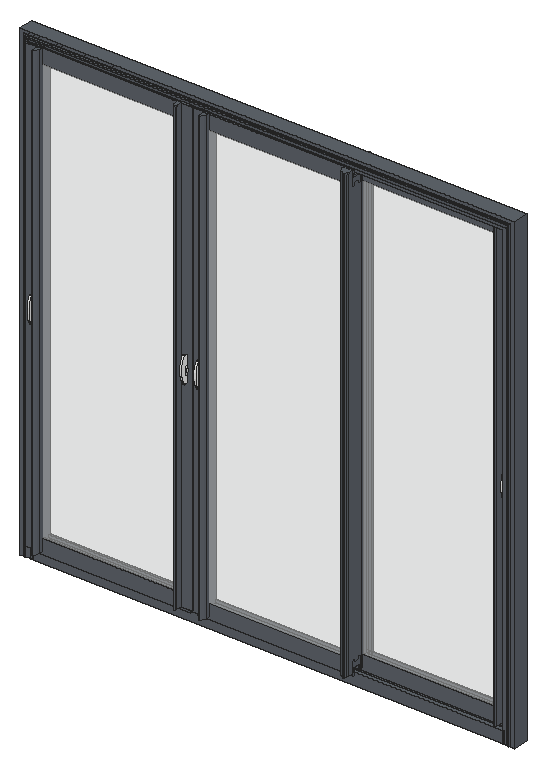
Revit family "Wicslide_65_Glass32_3_leaf_2_track_dependent", category Doors, host Wall, Revit 2014
Parameters
  Youtube clip = ""
  Weight Net (Kg) = 0
  Watertightness = "E900"
  Uniclass2 = "Ss-25-30-95-28"
  Uniclass 2015 Name = ""
  Uniclass 2015 Code = ""
  Uniclass 2.0 Description = ""
  Uniclass 2.0 Code = ""
  Uniclass 1.4 Description = ""
  Uniclass 1.4 Code = ""
  URL = "http://www.wicona.com"
  UNSPSC Code = ""
  Technical description = ""
  Sash meeting 3041252 = yes
  Sash meeting 3041251 = no
  Sash meeting 3041250 = not(or(Sash meeting 3041251, Sash meeting 3041252))  # no
  Sash 1041273 = yes
  Thermal (2-leaf frame) = "Uw < 1.5 W/m².K (with Ug = 1.0)"
  Sash 1041272 = no
  Sash 1041271 = no
  Sash 1041270 = not(or(Sash 1041271, Sash 1041272, Sash 1041273))  # no
  Repeated Opening/Closing = "Class 3 (20,000 Cycles)"
  Region South America = "None"
  Region Oceania = "None"
  Region North America = "None"
  Region Middle East = "None"
  Region Europe = "AD, AL, AT, AX, BA, BE, BG, BY, CH, CS, CY, CZ, DE, DK, EE, ES, FI, FO, FR, GB, GG, GI, GR, HR, HU, IE, IM, IS, IT, JE, LI, LT, LU, LV, MC, MD, ME, MK, MT, NL, NO, PL, PT, RO, RS, RU, SE, SI, SJ, SK, SM, UA, VA, XK"
  Region Asia = "None"
  Region Antarctica = "None"
  Region Africa = "None"
  Quality Assurance = "Certified according to ISO 9001:2008"
  QR code = "http://bimobject.com/wicona/product/WICSLIDE_65_W"
  Product group = ""
  Product family = ""
  Product data url = "http://bimobject.com/wicona/product/WICSLIDE_65_W"
  Product certification = ""
  Product SKU = "WICSLIDE_65_W"
  Product Guid = "74bd8be9-202c-4542-9c4e-775a99e34c85"
  Operation = "IFC_DOORSLIDING\r\nIFC_DOORSLIDING"
  Operating Forces = "Class 1"
  OmniClass Description = ""
  OmniClass Code = ""
  Nominal width = 220000
  Nominal height = 210000
  NBS Reference Description = ""
  NBS Reference Code = ""
  Model = "Wicslide 65"
  Mechanical Strength = "Class 4"
  Maximum Sash Weight = "160kg as standard design, heavier weights can easily be customised"
  Material secondary = ""
  Material main = ""
  Manufacturer name = "Wicona"
  Manufacturer country = "Germany"
  Manufacturer = "Wicona"
  Load Bearing Capacity of Safety Devices = "Fulfilled"
  Leaf Width = 17 mm + Glass Width + 56 mm  # 680.667 mm
  Leaf Material = WICONA - Aluminium - RAL7016 - Anthracite Grey - Matt
  Leaf Height All = Height - Frame Width 2 - Bottom Offset  # 2006 mm
  Leaf Connect = 6.2 mm  # constant formula
  Leaf 3 Width = 56 mm * 2 + Glass Width  # 719.667 mm
  Leaf 2 Width = 17 mm + Glass Width + 56 mm  # 680.667 mm
  Keynote = "L10/330"
  Installation instructions = ""
  IFC Classification = ""
  Handle Material = Aluminium
  Glass Width = Frame all / 3  # 607.667 mm
  Glass Material = WICONA -  Glass
  Function = Interior
  Frame all = Width - ((56 mm * 4) + (17 mm * 2) + (Frame Width 2 * 2)) - 24 mm  # 1823 mm
  Frame Width 3 = Frame Width - 34.5 mm  # 32.5 mm
  Frame Width 2 = if(Frame 1041226, 47.5 mm, if(Frame 1041231, 54.5 mm, 54.5 mm))  # 47.5 mm
  Frame Width = 67 mm
  Height = 2100 mm
  Wall Closure = By host
  Width = 2200 mm
  Frame Material = WICONA - Aluminium - RAL7016 - Anthracite Grey - Matt
  Frame Depth = 65 mm
  Frame 1041226 = yes
  Frame 1041231 = not(or(Frame 1041226))  # no
  Edition number = 1
  EN1627 Burglar Resistance = "RC1N, RC2N, RC2, RC3, SBD"
  EAN code = ""
  Door Offset = 60 mm
  Door 1 connect = Leaf 3 Width + Frame Width 2 + 24 mm  # 791.167 mm
  Design country = "Germany"
  Description = "With  its  various  designs  of  outer  and  opening  frames, multiple  leaf  combinations  (from  2  to  6  leaves)  and  its  comprehensive range of dual colour solutions, the Wicslide 65 brings greater freedom to building design. Designed  to  meet  market  demands,  Wicslide  65  sliding doors are perfectly suited for disabled access."
  Date of publishing = "3/14/2015"
  Corrosion Resistance of the Fittings = "Class 5"
  COBIe Type Category = ""
  Bottom Offset = if(Frame Bottom 1041226, 46.5 mm, 39.5 mm)  # 46.5 mm
  Frame Bottom 1041232 = no
  Frame Bottom 1041226 = yes
  Frame Bottom 1041231 = not(or(Frame Bottom 1041232, Frame Bottom 1041226))  # no
  BIMobject category = ""
  Assembly Code = ""
  Analytic Construction = "<None>"
  Air Permeability = "Class 4"
  Acoustic = "RA,tr = 35 dB"
Reference planes
  plane 1: y = 0
  plane 2 "Center (Left/Right)": x = 0
  plane 3 "Left": x = -1100
  plane 4 "Right": x = 1100
  plane 5: z = 2100
  plane 6 "Exterior": y = 75
  plane 7 "Interior": y = -75
  plane 8 "base line": y = 15
  plane 9: y = -50
  plane 10: x = -1052.5
  plane 11: z = 2052.5
  plane 12: x = 1052.5
  plane 13: x = -308.833
  plane 14: y = 1081.9
  plane 15: x = -1053.5
  plane 16: x = 1053.5
  plane 17: y = -44
  plane 18: y = 9
  plane 19: z = 2051.035
  plane 20: x = 371.833
Forms (mm)
  Sweep 1, solid, material "WICONA - Aluminium - RAL7016 - Anthracite Grey - Matt" <- "Frame Material", visible <- "Frame 1041231"
    path origin (0, 15, 0) x (-1, 0, 0) y (0, 0, 1)
      loop
        line (1100, 0) -> (1100, 2100) -> (-1100, 2100) -> (-1100, 0)
    profile "Frame_1041231_profil : Frame_1041231_profil" origin (-1100, 15, 1050) x (1, 0, 0) y (0, 1, 0)
      loop
        line (0, 0.014) -> (0, -64.986) -> (47.501, -64.986) -> (47.501, -52.986) -> (28.03, -52.986) -> (28.03, -11.986) -> (47.501, -11.986) -> (47.501, 0.014) -> (0, 0.014)
  Sweep 2, solid, material "WICONA - Aluminium - RAL7016 - Anthracite Grey - Matt" <- "Frame Material", visible <- "Frame Bottom 1041231"
    path origin (0, 15, 0) x (-1, 0, 0) y (0, 0, 1)
      loop
        line (1053.5, 0) -> (-1053.5, 0)
    profile origin (0, 15, 0) x (0, 0, -1) y (0, 1, 0)
      loop
        line (0, 0) -> (-47.501, 0) -> (-47.501, -11.986) -> (-28.03, -11.986) -> (-28.03, -52.986) -> (-47.501, -52.986) -> (-47.501, -65) -> (0, -65) -> (0, 0)
  Sweep 3, solid, material "WICONA - Aluminium - RAL7016 - Anthracite Grey - Matt" <- "Frame Material", visible <- "Frame Bottom 1041226"
    path origin (0, 15, 0) x (-1, 0, 0) y (0, 0, 1)
      loop
        line (1053.5, 0) -> (-1053.5, 0)
    profile origin (0, 15, 0) x (0, 0, -1) y (0, 1, 0)
      loop
        line (-41.095, 0) -> (-54.504, 0) -> (-54.504, -11.986) -> (-35.067, -11.986) -> (-35.067, -52.986) -> (-54.504, -52.986) -> (-54.504, -65) -> (0, -65) -> (0, 0) -> (-16, 0) -> (-16, -5.069) -> (-17.931, -7) -> (-22.706, -7) -> (-22.706, 2) -> (-28.468, 2) -> (-41.095, 0)
  Sweep 4, solid, material "WICONA - Aluminium - RAL7016 - Anthracite Grey - Matt" <- "Frame Material", visible <- "Frame Bottom 1041232"
    path origin (0, 15, 0) x (-1, 0, 0) y (0, 0, 1)
      loop
        line (1053.5, 0) -> (-1053.5, 0)
    profile origin (0, 15, 0) x (0, 0, -1) y (0, 1, 0)
      loop
        line (0, 0) -> (-47.552, 0) -> (-47.552, -12) -> (-28.081, -12) -> (-28.081, -52.986) -> (-47.552, -52.986) -> (-47.552, -65) -> (-18.5, -65) -> (-18.5, -78.723)
        arc (-18.5, -78.723) -> (-25.363, -83.221) -> (-33.01, -86.2) r 39.389
        line (-33.01, -86.2) -> (-46.2, -86.2) -> (-46.2, -84.996) -> (-47.552, -84.996) -> (-47.552, -88) -> (-32.284, -88)
        arc (-32.284, -88) -> (-23.829, -84.402) -> (-16.3, -79.134) r 44.207
        line (-16.3, -79.134) -> (-16.3, -65) -> (0, -65) -> (0, 0)
  Sweep 5, solid, material "WICONA - Aluminium - RAL7016 - Anthracite Grey - Matt" <- "Frame Material", visible <- "Frame 1041226"
    path origin (0, 15, 0) x (-1, 0, 0) y (0, 0, 1)
      loop
        line (1100, 0) -> (1100, 2100) -> (-1100, 2100) -> (-1100, 0)
    profile origin (-1100, 15, 1050) x (1, 0, 0) y (0, 1, 0)
      loop
        line (54.5, -65) -> (54.5, -53) -> (35.067, -53) -> (35.067, -12) -> (54.5, -12) -> (54.5, 0) -> (0, 0) -> (0, -65) -> (16, -65) -> (16, -59.931) -> (17.931, -58) -> (22.706, -58) -> (22.706, -67) -> (28.468, -67) -> (41.095, -65) -> (54.5, -65)
Lines and regions (mm)
  Opening 1
    outline origin (-3050, -75, 0) x (1, 0, 0) y (0, 0, 1)
      loop
        line (1950, 0) -> (4150, 0) -> (4150, 2100) -> (1950, 2100) -> (1950, 0)
  model lines
    curve 1: line (0, -47.728, -46.926) -> (0, -47.728, -43.389)
  symbolic lines, style "Elevation Swing"
    curve 2: line (527.734, -75, 1199.099) -> (807.734, -75, 1199.099)
    curve 3: line (527.734, -75, 1199.099) -> (587.838, -75, 1259.203)
    curve 4: line (527.734, -75, 1199.099) -> (587.838, -75, 1138.995)
    curve 14: line (-526.861, -75, 1192.348) -> (-806.861, -75, 1192.348)
    curve 15: line (-526.861, -75, 1192.348) -> (-586.965, -75, 1252.452)
    curve 16: line (-526.861, -75, 1192.348) -> (-586.965, -75, 1132.243)
  symbolic lines, style "Plan Swing", detail levels coarse
    curve 5: line (-1052.5, -75, 0) -> (-1100, -75, 0)
    curve 6: line (1052.5, 75, 0) -> (1052.5, -75, 0)
    curve 7: line (-1052.5, 75, 0) -> (-1052.5, -75, 0)
    curve 8: line (-1052.5, 75, 0) -> (-1100, 75, 0)
    curve 9: line (1100, 75, 0) -> (1052.5, 75, 0)
    curve 10: line (1100, -75, 0) -> (1052.5, -75, 0)
  symbolic lines, style "Elevation Swing", not visible
    curve 11: line (213.788, -75, 1205.851) -> (493.788, -75, 1205.851)
    curve 12: line (213.788, -75, 1205.851) -> (273.892, -75, 1265.955)
    curve 13: line (213.788, -75, 1205.851) -> (273.892, -75, 1145.747)
Text (mm)
  text "Exterior" at (-2295.016, 1099.543, 0), in view "Ref. Level"
  text "Exterior" at (0, 1615.38, 3698.081), in view "Left"
  text "Exterior" at (0, 1036.032, 3874.932), in view "Right"
Dimensions and locks
  equal spacing: plane 3 "Left", plane 2 "Center (Left/Right)", plane 4 "Right"
  "Width": plane 3 "Left" to plane 4 "Right"
  "Height": plane 5 to host wall
  host wall to plane 5 = 2100 mm  (x2)
  locked: plane 6 "Exterior" to host wall at 0
  locked: plane 7 "Interior" to host wall
  "Door Offset": host wall to plane 8 "base line"
  "Frame Depth": plane 8 "base line" to plane 9
  "Frame Width 2": plane 3 "Left" to plane 10
  "Frame Width 2": plane 11 to plane 5
  "Frame Width 2": plane 12 to plane 4 "Right"
  "Bottom Offset": plane 3 "Left" to plane 15
  "Bottom Offset": plane 16 to plane 4 "Right"
  locked: plane 8 "base line" to plane 18 at 6
  locked: plane 9 to plane 17 at 6
  locked: plane 11 to plane 19 at 1.465
  "Door 1 connect": plane 3 "Left" to plane 13
  "Leaf Width": plane 20 to plane 12
  aligned and locked: plane 3 "Left" to Opening 1 sketch curve
  aligned and locked: plane 5 to Opening 1 sketch curve  (x2)
  aligned and locked: Opening 1 sketch curve to plane 4 "Right"
  aligned and locked: Opening 1 sketch curve to level
  aligned and locked: plane 1 to host wall
  aligned and locked: Sweep 1 sketch curve to plane 3 "Left"
  aligned and locked: plane 5 to Sweep 1 sketch curve
  aligned and locked: plane 4 "Right" to Sweep 1 sketch curve
  aligned and locked: nested 1 to plane 8 "base line"
  aligned and locked: nested 1 to plane 3 "Left"
  aligned and locked: nested 2 to plane 4 "Right"
  aligned and locked: plane 8 "base line" to nested 2
  aligned and locked: plane 9 to nested 3
  aligned and locked: level to nested 3
  aligned and locked: nested 4 to level
  aligned and locked: nested 4 to plane 9
  aligned and locked: level to nested 5
  aligned and locked: plane 9 to nested 5
  aligned and locked: plane 16 to Sweep 3 sketch curve
  aligned and locked: plane 15 to Sweep 3 sketch curve
  aligned and locked: plane 15 to Sweep 4 sketch curve
  aligned and locked: plane 16 to Sweep 4 sketch curve
  aligned and locked: plane 15 to Sweep 2 sketch curve
  aligned and locked: plane 16 to Sweep 2 sketch curve
  aligned and locked: plane 5 to nested 6
  aligned and locked: nested 7 to plane 4 "Right"
  aligned and locked: plane 8 "base line" to nested 7
  aligned and locked: nested 8 to plane 8 "base line"
  aligned and locked: nested 8 to plane 3 "Left"
  aligned and locked: plane 5 to nested 9
  aligned and locked: plane 9 to nested 9
  aligned and locked: plane 7 "Interior" to curve 7
  aligned and locked: plane 6 "Exterior" to curve 7
  aligned and locked: curve 7 to plane 10
  aligned and locked: plane 3 "Left" to curve 8
  aligned and locked: plane 10 to curve 8
  aligned and locked: curve 8 to plane 6 "Exterior"
  aligned and locked: plane 3 "Left" to curve 5
  aligned and locked: curve 5 to plane 7 "Interior"
  aligned and locked: plane 7 "Interior" to curve 6
  aligned and locked: plane 6 "Exterior" to curve 6
  aligned and locked: curve 6 to plane 12
  aligned and locked: plane 4 "Right" to curve 10
  aligned and locked: plane 12 to curve 10
  aligned and locked: curve 10 to plane 7 "Interior"
  aligned and locked: plane 4 "Right" to curve 9
  aligned and locked: curve 9 to plane 6 "Exterior"
  aligned and locked: plane 10 to nested 10
  aligned and locked: nested 10 to plane 18
  aligned and locked: nested 11 to plane 17
  aligned and locked: plane 12 to nested 11
  aligned and locked: nested 6 to plane 9
  aligned and locked: plane 10 to nested 12
  aligned and locked: plane 13 to nested 12
  aligned and locked: plane 13 to nested 13
  aligned and locked: plane 20 to nested 13
  aligned and locked: plane 20 to nested 14
  aligned and locked: plane 12 to nested 14
  aligned and locked: nested 14 to plane 18
  aligned and locked: plane 13 to nested 15
  aligned and locked: nested 15 to plane 19
  aligned and locked: plane 17 to nested 15
  aligned and locked: plane 16 to nested 16
  aligned and locked: plane 19 to nested 16
  aligned and locked: plane 18 to nested 16
  aligned and locked: plane 10 to nested 17
  aligned and locked: nested 17 to plane 19
  aligned and locked: plane 17 to nested 17
Automatic sketch dimensions
  Sweep 1 sketch curve to level = 0 mm  (x2)
  Sweep 3 sketch curve to level = 0 mm
  plane 9 to curve 1 = 2.272 mm
  curve 1 to level = 46.926 mm
  curve 1 to curve 1 = 3.537 mm
  Sweep 2 sketch curve to level = 0 mm
  Sweep 4 sketch curve to level = 0 mm
  plane 4 "Right" to Sweep 5 sketch curve = 0 mm
  plane 3 "Left" to Sweep 5 sketch curve = 0 mm
  Sweep 5 sketch curve to level = 0 mm  (x2)
  Sweep 5 sketch curve to plane 5 = 0 mm
  Sweep 3 sketch curve to plane 8 "base line" = 0 mm  (x2)
  Sweep 3 sketch curve to profile plane = 0 mm
  Sweep 3 sketch curve to plane 8 "base line" = 5.069 mm
  profile plane to Sweep 3 sketch curve = 16 mm
  Sweep 3 sketch curve to plane 8 "base line" = 7 mm
  Sweep 3 sketch curve to Sweep 3 sketch curve = 1.931 mm
  plane 8 "base line" to Sweep 3 sketch curve = 2 mm
  Sweep 3 sketch curve to Sweep 3 sketch curve = 6.706 mm
  Sweep 3 sketch curve to Sweep 3 sketch curve = 5.762 mm
  Sweep 3 sketch curve to Sweep 3 sketch curve = 12.361 mm
  Sweep 3 sketch curve to Sweep 3 sketch curve = 12.628 mm
  Sweep 3 sketch curve to Sweep 3 sketch curve = 19.437 mm
  Sweep 3 sketch curve to Sweep 3 sketch curve = 13.408 mm
  Sweep 3 sketch curve to plane 8 "base line" = 11.986 mm
  Sweep 3 sketch curve to Sweep 3 sketch curve = 41 mm
  Sweep 3 sketch curve to Sweep 3 sketch curve = 12.014 mm
  Sweep 2 sketch curve to plane 8 "base line" = 0 mm
  profile plane to Sweep 2 sketch curve = 47.501 mm
  Sweep 2 sketch curve to Sweep 2 sketch curve = 0 mm
  Sweep 2 sketch curve to Sweep 2 sketch curve = 19.471 mm
  Sweep 2 sketch curve to profile plane = 0 mm
  Sweep 2 sketch curve to plane 8 "base line" = 11.986 mm
  Sweep 2 sketch curve to Sweep 2 sketch curve = 41 mm
  Sweep 2 sketch curve to Sweep 2 sketch curve = 12.014 mm
  Sweep 5 sketch curve to plane 8 "base line" = 0 mm
  Sweep 5 sketch curve to profile plane = 0 mm
  Sweep 5 sketch curve to profile plane = 16 mm
  Sweep 5 sketch curve to Sweep 5 sketch curve = 1.931 mm  (x2)
  Sweep 5 sketch curve to Sweep 5 sketch curve = 6.706 mm
  Sweep 5 sketch curve to Sweep 5 sketch curve = 5.762 mm
  Sweep 5 sketch curve to plane 8 "base line" = 12 mm
  Sweep 5 sketch curve to profile plane = 35.067 mm
  Sweep 5 sketch curve to Sweep 5 sketch curve = 19.433 mm  (x2)
  Sweep 5 sketch curve to Sweep 5 sketch curve = 41 mm
  Sweep 5 sketch curve to Sweep 5 sketch curve = 5 mm
  Sweep 5 sketch curve to Sweep 5 sketch curve = 5.069 mm
  Sweep 5 sketch curve to Sweep 5 sketch curve = 2 mm
  Sweep 5 sketch curve to Sweep 5 sketch curve = 12.628 mm
  Sweep 5 sketch curve to Sweep 5 sketch curve = 12 mm
  Sweep 4 sketch curve to plane 8 "base line" = 0 mm
  Sweep 4 sketch curve to profile plane = 0 mm
  profile plane to Sweep 4 sketch curve = 16.3 mm
  Sweep 4 sketch curve to Sweep 4 sketch curve = 2.2 mm
  Sweep 4 sketch curve to plane 8 "base line" = 12 mm
  Sweep 4 sketch curve to Sweep 4 sketch curve = 13.784 mm
  Sweep 4 sketch curve to Sweep 4 sketch curve = 15.325 mm
  Sweep 4 sketch curve to Sweep 4 sketch curve = 1.866 mm
  Sweep 4 sketch curve to Sweep 4 sketch curve = 13.916 mm
  Sweep 4 sketch curve to Sweep 4 sketch curve = 4.146 mm
  Sweep 4 sketch curve to Sweep 4 sketch curve = 1.352 mm
  Sweep 4 sketch curve to Sweep 4 sketch curve = 19.471 mm
  Sweep 4 sketch curve to Sweep 4 sketch curve = 33.744 mm
  Sweep 4 sketch curve to Sweep 4 sketch curve = 2.464 mm
  Sweep 4 sketch curve to Sweep 4 sketch curve = 4.778 mm
  Sweep 4 sketch curve to Sweep 4 sketch curve = 12.014 mm  (x2)
  Sweep 4 sketch curve to Sweep 4 sketch curve = 14.134 mm
  Sweep 4 sketch curve to Sweep 4 sketch curve = 3.004 mm
  Sweep 4 sketch curve to Sweep 4 sketch curve = 1.204 mm
  Sweep 4 sketch curve to Sweep 4 sketch curve = 0.726 mm
  Sweep 4 sketch curve to Sweep 4 sketch curve = 0.411 mm
Nested families
  nested 1: "Frame_1041231" at (-1100, 15, 0), visible <- "Frame 1041231", type "Frame_1041231"
  nested 2: "Frame_1041231" at (1100, 15, 0) x (-1, 0, 0) z (0, 0, 1), visible <- "Frame 1041231", type "Frame_1041231"
  nested 3: "Frame_1041226" at (0, -50, 0) x (0, 0, 1) z (1, 0, 0), type "Frame_1041226"
  nested 4: "Frame_Bottom_1041232" at (0, 15, 0) x (0, 0, 1) z (1, 0, 0), visible <- "Frame Bottom 1041232", built-in parameter 1006206 <- "Frame Bottom 1041232", type "Frame_Bottom_1041232"
  nested 5: "Frame_1041231" at (0, -50, 0) x (0, 0, 1) z (1, 0, 0), visible <- "Frame Bottom 1041231", type "Frame_1041231"
  nested 6: "Frame_1041231" at (0, 15, 2100) x (0, 0, -1) z (1, 0, 0), type "Frame_1041231"
  nested 7: "Frame_1041226" at (1100, 15, 0) x (-1, 0, 0) z (0, 0, 1), visible <- "Frame 1041226", type "Frame_1041226"
  nested 8: "Frame_1041226" at (-1100, 15, 0), visible <- "Frame 1041226", type "Frame_1041226"
  nested 9: "Frame_1041226" at (0, 15, 2100) x (0, 0, -1) z (1, 0, 0), visible <- "Frame 1041226", type "Frame_1041226"
  nested 10: "Seal" at (-1052.5, 9, 0), type "Seal"
  nested 11: "Seal" at (1052.5, -44, 0) x (-1, 0, 0) z (0, 0, 1), type "Seal"
  nested 12: "sliding door_coarse" at (-1052.5, -44, 0), type "52"
    with built-in parameter 1001306 2.4399 (stored number, unit not read)
  nested 13: "sliding door_coarse" at (-308.833, -44, 0), type "52"
    with built-in parameter 1001306 2.2332 (stored number, unit not read)
  nested 14: "sliding door_coarse" at (371.833, 9, 0), type "52"
    with built-in parameter 1001306 2.2332 (stored number, unit not read)
  nested 15: "Leaf_Wicslide_65_G32_2_leaf_2_track_both_sliding_or_1_fixed_1slide" at (-308.833, -44, 50.305), type "Leaf_Wicslide_65_G32_2_leaf_2_track_both_sliding_or_1_fixed_1slide"
    with Sash 1041273 yes, Sash 1041271 no, Handle Distance 22 mm, Leaf Width 680.667 mm, Leaf Height 2006 mm
  nested 16: "Leaf_Wicslide_65_G32_2_leaf_2_track_both_sliding_or_1_fixed_1slide_right" at (1051.984, 9, 50.305) x (-1, 0, 0) z (0, 0, 1), type "Leaf_Wicslide_65_G32_2_leaf_2_track_both_sliding_or_1_fixed_1slide_right"
    with Sash 1041273 yes, Sash 1041271 no, Handle Distance 22 mm, Leaf Width 680.667 mm, Leaf Height 2006 mm
  nested 17: "Leaf_Wicslide_65_G32_3_leaf_2_track_independent_2_handle" at (-1050.984, -44, 50.305), type "Leaf_Wicslide_65_G32_3_leaf_2_track_independent_2_handle"
    with Sash 1041273 yes, Sash 1041271 no, Handle Distance 22 mm, Leaf Width 719.667 mm, Leaf Height 2006 mm
Definition of nested family "Leaf_Wicslide_65_G32_2_leaf_2_track_both_sliding_or_1_fixed_1slide"
  Parameters (values of type "Leaf_Wicslide_65_G32_2_leaf_2_track_both_sliding_or_1_fixed_1slide")
    Sash meeting 3041252 = yes
    Sash meeting 3041250 = no
    Sash meeting 3041251 = no
    Sash 1041273 = no
    Sash 1041270 = no
    Sash 1041271 = yes
    Sash 1041272 = no
    Profil Bottom = 4 mm
    Handle Distance = if(Sash 1041270, 22 mm, if(Sash 1041271, 45 mm, if(Sash 1041272, 42 mm, 22 mm)))  # 45 mm
    Leaf Width = 896 mm
    Leaf Material = Aluminium
    Leaf Height = 2000 mm
    Handle Material = Aluminium
    Handle Height = 850 mm  # constant formula
    Glass Width = 32 mm
    Glass Offset 2 = 7 mm  # constant formula
    Glass Offset = 46.1 mm  # constant formula
    Glass Material = WICONA -  Glass
    Glas Offset Bottom = 46.6 mm
    Frame Material = Aluminium
    16 = 16 mm
  Reference planes
    plane 1 "Center (Front/Back)": y = 0
    plane 2: z = 0
    plane 3 "Center (Left/Right)": x = 0
    plane 4: x = 896
    plane 5: z = 2000
    plane 6: x = 46.1
    plane 7: x = 889
    plane 8: z = 1953.4
    plane 9: z = 46.6
    plane 10: z = 896.6
    plane 11: x = 58.1
    plane 12: y = -16
    plane 13: y = 16
    plane 14: x = -3.312
    plane 15: x = 899.312
    plane 16: z = 46.6
    plane 17: y = -45
    plane 18: x = 20
    plane 19: z = 960.237
    plane 20: x = -1.516
    plane 21: y = -21.816
    plane 22: z = -5.306
    plane 23: z = 25
    plane 24: x = 914.975
    plane 25: z = 2010.5
    plane 26: z = 1980.5
    plane 27: z = 4
    plane 28: x = -9.9
  Forms (mm)
    Sweep 1, solid, material "Aluminium" <- "Leaf Material", visible <- "Sash 1041270"
      path origin (-1.381, 0, 34.551) x (1, 0, 0) y (0, 0, 1)
        loop
          line (0, -30.551) -> (0, 1970.678)
      profile origin (-1.381, 0, 1004.615) x (-1, 0, 0) y (0, -1, 0)
        loop
          line (-59.481, -22) -> (8.519, -22) -> (8.519, -16.6) -> (-10.369, -16.6) -> (-10.369, 16.6) -> (8.519, 16.6) -> (8.519, 22) -> (-59.395, 22) -> (-59.395, 16) -> (-47.481, 16) -> (-47.481, -16) -> (-59.481, -16) -> (-59.481, -22)
    Extrusion 2, solid, material "WICONA -  Glass" <- "Glass Material", detail levels medium+fine
      sketch origin (-214.248, -550.766, -473.088) x (1, 0, 0) y (0, 0, 1)
        loop
          line (260.348, 2426.488) -> (260.348, 519.688) -> (1103.248, 519.688) -> (1103.248, 2426.488) -> (260.348, 2426.488)
      from -566.766 to -534.766
    Sweep 3, solid, material "Aluminium" <- "Leaf Material"
      path origin (0, 0, 0) x (1, 0, 0) y (0, 0, 1)
        loop
          line (8.988, 0) -> (914.975, 0)
      profile origin (461.982, 0, 0) x (0, 0, 1) y (0, -1, 0)
        loop
          line (-5.306, -20.1) -> (58.694, -20.1) -> (58.694, -16) -> (46.634, -16) -> (46.634, 16) -> (58.694, 16) -> (58.694, 20.1) -> (-5.306, 20.1) -> (-5.306, 16.6) -> (5.236, 16.6) -> (5.236, 18.5) -> (25.914, 18.5) -> (25.914, -18.502) -> (5.236, -18.502) -> (5.236, -16.602) -> (-5.306, -16.602) -> (-5.306, -20.1)
    Sweep 4, solid, material "Aluminium" <- "Leaf Material", visible <- "Sash meeting 3041250"
      path origin (0, 0, 0) x (1, 0, 0) y (0, 0, 1)
        loop
          line (896, 2005.23) -> (896, 4)
      profile origin (896, 0, 1004.615) x (0, -1, 0) y (1, 0, 0)
        loop
          line (-22.3, -19.026) -> (-16, -19.026) -> (-16, -7.023) -> (16, -7.023) -> (16, -19.026) -> (22, -19.026) -> (22, 18.975) -> (-25.992, 18.975) -> (-25.992, 0) -> (-22.3, 0) -> (-22.3, -19.026)
    Sweep 5, solid, material "Aluminium" <- "Leaf Material", visible <- "Sash 1041273"
      path origin (0, 0, 0) x (1, 0, 0) y (0, 0, 1)
        loop
          line (0, 4) -> (0, 2005.23)
      profile origin (0, 0, 1004.615) x (-1, 0, 0) y (0, -1, 0)
        loop
          line (9.9, -22) -> (9.9, -16.517) -> (-12.05, -16.517) -> (-12.05, 16.671) -> (9.9, 16.671) -> (9.9, 22) -> (-41.1, 22) -> (-41.1, 47) -> (-42.787, 54.915) -> (-43.872, 56) -> (-47.182, 56)
          arc (-47.182, 56) -> (-54.565, 44.34) -> (-58.1, 31) r 45.352
          line (-58.1, 31) -> (-58.1, -22) -> (9.9, -22)
    Sweep 6, solid, material "Aluminium" <- "Leaf Material", visible <- "Sash 1041272"
      path origin (0, 0, 0) x (1, 0, 0) y (0, 0, 1)
        loop
          line (0, 4) -> (0, 2005.23)
      profile origin (0, 0, 1004.615) x (-1, 0, 0) y (0, -1, 0)
        loop
          line (-58.1, -22) -> (9.9, -22) -> (9.9, -16) -> (-8.988, -16) -> (-8.988, 16) -> (9.9, 16) -> (9.9, 22) -> (-6.1, 22) -> (-6.1, 41.999) -> (-58.1, 41.999) -> (-58.1, 16) -> (-46.1, 16) -> (-46.1, -16) -> (-58.1, -16) -> (-58.1, -22)
    Sweep 7, solid, material "Aluminium" <- "Leaf Material", visible <- "Sash 1041271"
      path origin (0, 0, 0) x (1, 0, 0) y (0, 0, 1)
        loop
          line (0, 4) -> (0, 2005.23)
      profile origin (0, 0, 1004.615) x (-1, 0, 0) y (0, -1, 0)
        loop
          line (9.9, -22) -> (9.9, -16.6) -> (-8.988, -16.6) -> (-8.988, 16.6) -> (9.9, 16.6) -> (9.9, 45) -> (-58.1, 45) -> (-58.1, 16) -> (-46.136, 16) -> (-46.136, -16) -> (-58.1, -16) -> (-58.1, -22) -> (9.9, -22)
    Sweep 8, solid, material "Aluminium" <- "Leaf Material", visible <- "Sash meeting 3041252"
      path origin (0, 0, 0) x (1, 0, 0) y (0, 0, 1)
        loop
          line (896, 4) -> (896, 2005.23)
      profile origin (896, 0, 1004.615) x (-1, 0, 0) y (0, -1, 0)
        loop
          line (19.026, -22.3) -> (19.026, -16.183) -> (7, -16.183) -> (7, 16) -> (19.026, 16) -> (19.026, 30.94)
          arc (19.026, 30.94) -> (9.037, 49.24) -> (-7.45, 62) r 50.906
          line (-7.45, 62) -> (-13.135, 62) -> (-14.994, 60.998) -> (-17.979, 49.857) -> (-18.975, 41.747) -> (-18.975, -25.992) -> (0, -25.992) -> (0, -22.3) -> (19.026, -22.3)
    Sweep 9, solid, material "Aluminium" <- "Leaf Material", visible <- "Sash meeting 3041251"
      path origin (0, 0, 0) x (1, 0, 0) y (0, 0, 1)
        loop
          line (896, 4) -> (896, 2005.23)
      profile origin (896, 0, 1004.615) x (-1, 0, 0) y (0, -1, 0)
        loop
          line (0, -22.3) -> (19.026, -22.3) -> (19.026, -16) -> (7.023, -16) -> (7.023, 16) -> (19.026, 16) -> (19.026, 57) -> (-18.975, 57) -> (-18.975, -25.992) -> (0, -25.992) -> (0, -22.3)
    Sweep 10, solid, material "Aluminium" <- "Leaf Material"
      path origin (0, 0, 5.236) x (1, 0, 0) y (0, 0, 1)
        loop
          line (12.05, 2000) -> (914.975, 2000)
      profile origin (463.512, 0, 2005.236) x (0, 0, 1) y (0, -1, 0)
        loop
          line (-0.006, 20.1) -> (-64.007, 20.1) -> (-64.007, 16) -> (-51.87, 16) -> (-51.87, -16) -> (-64.006, -16) -> (-64.006, -20.1) -> (-0.005, -20.1) -> (-0.005, -16.6) -> (-10.505, -16.6) -> (-10.505, -18.5) -> (-31.192, -18.5) -> (-31.192, 18.502) -> (-10.506, 18.502) -> (-10.506, 16.602) -> (-0.006, 16.602) -> (-0.006, 20.1)
    Extrusion 11, void
      sketch origin (0, 0, 0) x (1, 0, 0) y (0, 1, 0)
        loop
          line (889, 16) -> (889, -16) -> (925.276, -16) -> (925.276, 16) -> (889, 16)
      from -5.306 to 25
    Extrusion 12, void
      sketch origin (0, 0, 0) x (1, 0, 0) y (0, 1, 0)
        loop
          line (922.34, 16) -> (889, 16) -> (889, -16) -> (922.34, -16) -> (922.34, 16)
      from -5.306 to 25
    Extrusion 13, void
      sketch origin (0, 0, 140) x (1, 0, 0) y (0, 1, 0)
        loop
          line (922.34, 16) -> (889, 16) -> (889, -16) -> (922.34, -16) -> (922.34, 16)
      from 1840.5 to 1870.5
  Cuts and joins
    Extrusion 11, Extrusion 12 cuts Extrusion 2
    Extrusion 11, Extrusion 12 cuts Sweep 3
    Extrusion 11, Extrusion 12, Extrusion 13 cuts Sweep 9
    Extrusion 12, Extrusion 13 cuts Sweep 4
    Extrusion 12, Extrusion 13 cuts Sweep 8
  Lines and regions (mm)
    symbolic lines, style "GenericModel", detail levels medium+fine
      curve 1: line (0, 16, 1953.4) -> (0, 16, 46.6)
      curve 2: line (0, -16, 1953.4) -> (0, -16, 46.6)
      curve 3: line (0, 0, 1953.4) -> (0, 0, 46.6)
  Dimensions and locks
    "Leaf Width": plane 3 "Center (Left/Right)" to plane 4
    "Leaf Height": plane 5 to level
    "Glass Offset": plane 3 "Center (Left/Right)" to plane 6
    "Glass Offset 2": plane 7 to plane 4
    "Glas Offset Bottom": plane 5 to plane 8
    level to plane 10 = 896.6 mm
    "Handle Height": plane 10 to plane 9
    "Glas Offset Bottom": plane 9 to level
    locked: plane 3 "Center (Left/Right)" to plane 14 at 3.312
    locked: plane 15 to plane 4 at 3.312
    locked: plane 3 "Center (Left/Right)" to plane 18 at 20
    "Handle Distance": plane 17 to plane 1 "Center (Front/Back)"
    plane 19 to level = 960.237 mm
    plane 21 to plane 1 "Center (Front/Back)" = 21.816 mm
    plane 23 to level to plane 22 = 25 mm locked, 5.306 mm locked
    locked: plane 4 to plane 24 at 18.975
    plane 25 to plane 5 to plane 26 = 10.5 mm locked, 19.5 mm locked
    "Profil Bottom": plane 27 to level
    "Glass Width": plane 12 to plane 13
    "16": plane 1 "Center (Front/Back)" to plane 13
    locked: plane 28 to plane 3 "Center (Left/Right)" at 9.9
    aligned and locked: level to plane 2
    aligned and locked: plane 9 to plane 16
    aligned and locked: nested 3 to level
    aligned and locked: nested 3 to plane 1 "Center (Front/Back)"
    aligned and locked: Extrusion 2 to plane 6
    aligned and locked: plane 7 to Extrusion 2
    aligned and locked: plane 8 to Extrusion 2
    aligned and locked: Extrusion 2 to plane 9
    aligned and locked: Extrusion 2 to plane 13
    aligned and locked: plane 12 to Extrusion 2
    aligned and locked: Sweep 4 to Sweep 3 sketch curve
    aligned and locked: plane 17 to nested 10
    aligned and locked: nested 10 to plane 18
    aligned and locked: plane 19 to nested 10
    aligned and locked: plane 1 "Center (Front/Back)" to nested 11
    aligned and locked: Sweep 10 to Sweep 4 sketch curve
    aligned and locked: Sweep 10 to Sweep 9 sketch curve
    aligned and locked: Sweep 10 to Sweep 8 sketch curve
    aligned and locked: Sweep 10 to Sweep 7 sketch curve
    aligned and locked: Sweep 10 to Sweep 6 sketch curve
    aligned and locked: Sweep 10 to Sweep 5 sketch curve
    aligned and locked: Sweep 10 to Sweep 1 sketch curve
    aligned and locked: Sweep 7 to Sweep 3 sketch curve
    aligned and locked: nested 12 to plane 17
    aligned and locked: nested 12 to plane 18
    aligned and locked: plane 23 to cut or joined group of Sweep 9, Extrusion 11, Extrusion 12, Extrusion 13
    aligned and locked: cut or joined group of Sweep 9, Extrusion 11, Extrusion 12, Extrusion 13 to plane 22
    aligned and locked: cut or joined group of Sweep 9, Extrusion 11, Extrusion 12, Extrusion 13 to plane 7
    aligned and locked: plane 27 to Sweep 9 sketch curve
    aligned and locked: plane 27 to Sweep 4 sketch curve
    aligned and locked: plane 27 to Sweep 7 sketch curve
    aligned and locked: plane 27 to Sweep 6 sketch curve
    aligned and locked: plane 27 to Sweep 5 sketch curve
    aligned and locked: plane 27 to Sweep 1 sketch curve
    aligned and locked: plane 27 to Sweep 8 sketch curve
    aligned and locked: nested 13 to plane 8
    aligned and locked: nested 13 to plane 9
    aligned and locked: nested 1 to plane 1 "Center (Front/Back)"
    aligned and locked: plane 3 "Center (Left/Right)" to nested 1
    aligned and locked: nested 4 to plane 3 "Center (Left/Right)"
    aligned and locked: nested 4 to plane 1 "Center (Front/Back)"
    aligned and locked: nested 5 to plane 3 "Center (Left/Right)"
    aligned and locked: nested 5 to plane 1 "Center (Front/Back)"
    aligned and locked: nested 2 to plane 1 "Center (Front/Back)"
    aligned and locked: plane 4 to nested 2
    aligned and locked: nested 8 to plane 1 "Center (Front/Back)"
    aligned and locked: plane 4 to nested 8
    aligned and locked: plane 4 to nested 7
    aligned and locked: nested 7 to plane 1 "Center (Front/Back)"
    aligned and locked: plane 7 to nested 14
    aligned and locked: plane 6 to nested 14
    aligned and locked: plane 12 to nested 14
    aligned and locked: plane 12 to nested 13
    aligned and locked: cut or joined group of Sweep 8, Extrusion 12, Extrusion 13 to plane 7  (x2)
    aligned and locked: cut or joined group of Sweep 8, Extrusion 12, Extrusion 13 to plane 22
    aligned and locked: plane 23 to cut or joined group of Sweep 8, Extrusion 12, Extrusion 13
    aligned and locked: plane 25 to cut or joined group of Sweep 8, Extrusion 12, Extrusion 13
    aligned and locked: cut or joined group of Sweep 8, Extrusion 12, Extrusion 13 to plane 26
    aligned and locked: plane 5 to nested 11
    aligned and locked: nested 6 to nested 9
    aligned and locked: nested 9 to plane 1 "Center (Front/Back)"
  Automatic sketch dimensions
    curve 2 to plane 8 = 0 mm
    curve 2 to plane 12 = 0 mm
    curve 3 to plane 1 "Center (Front/Back)" = 0 mm
    curve 1 to plane 9 = 0 mm
    curve 1 to plane 13 = 0 mm
    curve 2 to plane 9 = 0 mm
    curve 3 to plane 9 = 0 mm
    curve 3 to plane 8 = 0 mm
    curve 1 to plane 8 = 0 mm
    plane 20 to Sweep 1 sketch curve = 0.135 mm
    Sweep 1 sketch curve to profile plane = 22 mm
    profile plane to Sweep 1 sketch curve = 59.481 mm
    Sweep 1 sketch curve to Sweep 1 sketch curve = 0.086 mm
    Sweep 1 sketch curve to Sweep 1 sketch curve = 11.914 mm
    profile plane to Sweep 1 sketch curve = 10.369 mm
    Sweep 1 sketch curve to profile plane = 8.519 mm  (x2)
    Sweep 1 sketch curve to Sweep 1 sketch curve = 5.4 mm  (x2)
    Sweep 1 sketch curve to Sweep 1 sketch curve = 6 mm
    profile plane to Sweep 1 sketch curve = 16 mm
    profile plane to Sweep 1 sketch curve = 16.6 mm
    Extrusion 2 sketch curve to plane 6 = 0 mm
    Extrusion 2 sketch curve to plane 7 = 0 mm
    Extrusion 2 sketch curve to plane 9 = 0 mm
    Extrusion 2 sketch curve to plane 8 = 0 mm
    Sweep 3 sketch curve to level = 0 mm
    profile plane to Sweep 3 sketch curve = 5.306 mm  (x2)
    Sweep 3 sketch curve to profile plane = 5.236 mm  (x2)
    Sweep 3 sketch curve to Sweep 3 sketch curve = 20.678 mm
    plane 16 to Sweep 3 sketch curve = 0.034 mm
    plane 16 to Sweep 3 sketch curve = 12.094 mm  (x2)
    Sweep 3 sketch curve to plane 1 "Center (Front/Back)" = 20.1 mm
    Sweep 3 sketch curve to plane 1 "Center (Front/Back)" = 18.502 mm
    Sweep 3 sketch curve to Sweep 3 sketch curve = 3.498 mm
    Sweep 3 sketch curve to Sweep 3 sketch curve = 4.1 mm  (x2)
    plane 1 "Center (Front/Back)" to Sweep 3 sketch curve = 16 mm
    plane 1 "Center (Front/Back)" to Sweep 3 sketch curve = 16.6 mm
    Sweep 3 sketch curve to Sweep 3 sketch curve = 1.9 mm
    Sweep 4 sketch curve to plane 4 = 0 mm
    Sweep 4 sketch curve to profile plane = 0 mm
    Sweep 4 sketch curve to plane 1 "Center (Front/Back)" = 25.992 mm
    Sweep 4 sketch curve to Sweep 4 sketch curve = 3.692 mm
    Sweep 4 sketch curve to Sweep 4 sketch curve = 6.3 mm
    profile plane to Sweep 4 sketch curve = 7.023 mm
    plane 1 "Center (Front/Back)" to Sweep 4 sketch curve = 16 mm
    Sweep 4 sketch curve to Sweep 4 sketch curve = 6 mm
    Sweep 4 sketch curve to Sweep 4 sketch curve = 12.003 mm  (x2)
    Sweep 4 sketch curve to profile plane = 18.975 mm
    Sweep 5 sketch curve to plane 3 "Center (Left/Right)" = 0 mm
    profile plane to Sweep 5 sketch curve = 58.1 mm
    Sweep 5 sketch curve to Sweep 5 sketch curve = 10.918 mm
    Sweep 5 sketch curve to Sweep 5 sketch curve = 3.31 mm
    Sweep 5 sketch curve to Sweep 5 sketch curve = 1.085 mm  (x2)
    Sweep 5 sketch curve to Sweep 5 sketch curve = 1.687 mm
    profile plane to Sweep 5 sketch curve = 13.004 mm
    Sweep 5 sketch curve to Sweep 5 sketch curve = 0.954 mm
    Sweep 5 sketch curve to profile plane = 9.9 mm  (x2)
    Sweep 5 sketch curve to plane 1 "Center (Front/Back)" = 22 mm
    Sweep 5 sketch curve to plane 1 "Center (Front/Back)" = 16.517 mm
    plane 1 "Center (Front/Back)" to Sweep 5 sketch curve = 16.671 mm
    Sweep 5 sketch curve to Sweep 5 sketch curve = 5.329 mm
    Sweep 5 sketch curve to Sweep 5 sketch curve = 9.518 mm
    Sweep 5 sketch curve to Sweep 5 sketch curve = 9 mm  (x2)
    Sweep 6 sketch curve to plane 3 "Center (Left/Right)" = 0 mm
    Sweep 6 sketch curve to plane 1 "Center (Front/Back)" = 22 mm
    profile plane to Sweep 6 sketch curve = 58.1 mm
    Sweep 6 sketch curve to Sweep 6 sketch curve = 0 mm
    Sweep 6 sketch curve to Sweep 6 sketch curve = 12 mm
    profile plane to Sweep 6 sketch curve = 8.988 mm
    profile plane to Sweep 6 sketch curve = 6.1 mm
    Sweep 6 sketch curve to profile plane = 9.9 mm  (x2)
    Sweep 6 sketch curve to Sweep 6 sketch curve = 6 mm  (x2)
    Sweep 6 sketch curve to plane 1 "Center (Front/Back)" = 16 mm
    plane 1 "Center (Front/Back)" to Sweep 6 sketch curve = 16 mm  (x2)
    Sweep 6 sketch curve to Sweep 6 sketch curve = 19.999 mm
    Sweep 7 sketch curve to plane 3 "Center (Left/Right)" = 0 mm
    profile plane to Sweep 7 sketch curve = 58.1 mm
    Sweep 7 sketch curve to Sweep 7 sketch curve = 0 mm
    Sweep 7 sketch curve to Sweep 7 sketch curve = 11.964 mm
    profile plane to Sweep 7 sketch curve = 8.988 mm
    Sweep 7 sketch curve to profile plane = 9.9 mm  (x2)
    Sweep 7 sketch curve to plane 1 "Center (Front/Back)" = 22 mm
    Sweep 7 sketch curve to Sweep 7 sketch curve = 5.4 mm
    Sweep 7 sketch curve to Sweep 7 sketch curve = 6 mm
    plane 1 "Center (Front/Back)" to Sweep 7 sketch curve = 16 mm
    plane 1 "Center (Front/Back)" to Sweep 7 sketch curve = 16.6 mm
    Sweep 7 sketch curve to Sweep 7 sketch curve = 28.4 mm
    Sweep 8 sketch curve to plane 4 = 0 mm
    Sweep 8 sketch curve to profile plane = 0 mm
    profile plane to Sweep 8 sketch curve = 7.45 mm
    Sweep 8 sketch curve to Sweep 8 sketch curve = 5.685 mm
    Sweep 8 sketch curve to Sweep 8 sketch curve = 1.859 mm
    Sweep 8 sketch curve to Sweep 8 sketch curve = 2.985 mm
    Sweep 8 sketch curve to Sweep 8 sketch curve = 0.996 mm
    plane 1 "Center (Front/Back)" to Sweep 8 sketch curve = 16.215 mm
    Sweep 8 sketch curve to Sweep 8 sketch curve = 10.729 mm
    Sweep 8 sketch curve to profile plane = 7 mm
    Sweep 8 sketch curve to Sweep 8 sketch curve = 12.026 mm  (x2)
    plane 1 "Center (Front/Back)" to Sweep 8 sketch curve = 16 mm
    Sweep 8 sketch curve to plane 1 "Center (Front/Back)" = 16.183 mm
    Sweep 8 sketch curve to Sweep 8 sketch curve = 6.117 mm
    Sweep 8 sketch curve to Sweep 8 sketch curve = 3.692 mm
    Sweep 8 sketch curve to Sweep 8 sketch curve = 14.94 mm
    Sweep 8 sketch curve to Sweep 8 sketch curve = 20.253 mm
    Sweep 8 sketch curve to Sweep 8 sketch curve = 8.11 mm
    Sweep 8 sketch curve to Sweep 8 sketch curve = 1.002 mm
    Sweep 9 sketch curve to plane 4 = 0 mm
    Sweep 9 sketch curve to profile plane = 0 mm
    profile plane to Sweep 9 sketch curve = 18.975 mm
    Sweep 9 sketch curve to profile plane = 7.023 mm
    Sweep 9 sketch curve to profile plane = 19.026 mm
    Sweep 9 sketch curve to Sweep 9 sketch curve = 12.003 mm
    Sweep 9 sketch curve to plane 1 "Center (Front/Back)" = 25.992 mm
    Sweep 9 sketch curve to Sweep 9 sketch curve = 3.692 mm
    Sweep 9 sketch curve to Sweep 9 sketch curve = 6.3 mm
    plane 1 "Center (Front/Back)" to Sweep 9 sketch curve = 16 mm
    Sweep 9 sketch curve to Sweep 9 sketch curve = 41 mm
    plane 5 to Sweep 10 sketch curve = 5.236 mm
    Sweep 10 sketch curve to plane 24 = 0 mm
    plane 18 to Sweep 10 sketch curve = 7.95 mm
    Extrusion 11 sketch curve to plane 7 = 0 mm
    plane 12 to Extrusion 11 sketch curve = 0 mm
    plane 13 to Extrusion 11 sketch curve = 0 mm
    plane 24 to Extrusion 11 sketch curve = 10.301 mm
    Extrusion 12 sketch curve to plane 7 = 0 mm
    plane 12 to Extrusion 12 sketch curve = 0 mm
    plane 13 to Extrusion 12 sketch curve = 0 mm
    plane 24 to Extrusion 12 sketch curve = 7.365 mm
    plane 7 to Extrusion 13 sketch curve = 0 mm
    plane 12 to Extrusion 13 sketch curve = 0 mm
    plane 13 to Extrusion 13 sketch curve = 0 mm
    plane 24 to Extrusion 13 sketch curve = 7.365 mm
    plane 1 "Center (Front/Back)" to Sweep 10 sketch curve = 20.1 mm
    profile plane to Sweep 10 sketch curve = 64.007 mm
    Sweep 10 sketch curve to plane 1 "Center (Front/Back)" = 16 mm
    Sweep 10 sketch curve to Sweep 10 sketch curve = 0.001 mm
    Sweep 10 sketch curve to Sweep 10 sketch curve = 12.136 mm
    Sweep 10 sketch curve to Sweep 10 sketch curve = 20.678 mm
    profile plane to Sweep 10 sketch curve = 10.506 mm
    profile plane to Sweep 10 sketch curve = 10.505 mm
    profile plane to Sweep 10 sketch curve = 0.006 mm
    profile plane to Sweep 10 sketch curve = 0.005 mm
    Sweep 10 sketch curve to plane 1 "Center (Front/Back)" = 16.6 mm
    Sweep 10 sketch curve to Sweep 10 sketch curve = 1.9 mm
    Sweep 10 sketch curve to Sweep 10 sketch curve = 4.1 mm  (x2)
    Sweep 10 sketch curve to Sweep 10 sketch curve = 3.498 mm
    plane 1 "Center (Front/Back)" to Sweep 10 sketch curve = 18.502 mm
  Nested families
    nested 1: "Sash Verticals_1041270" at (-9.9, 22, 0), visible <- "Sash 1041270", type "Sash Verticals_1041270"
    nested 2: "Sash meeting 3041250" at (896, 18, 0), visible <- "Sash meeting 3041250", type "Sash meeting 3041250"
    nested 3: "Sash_horizontal_1041274" at (0, 0, 0) x (0, 1, 0) z (1, 0, 0), type "Sash_horizontal_1041274"
    nested 4: "Sash Verticals_1041271" at (-9.9, 22, 0), visible <- "Sash 1041271", type "Sash Verticals_1041271"
    nested 5: "Sash Verticals_1041272" at (-9.9, 22, 0), visible <- "Sash 1041272", type "Sash Verticals_1041272"
    nested 6: "Sash Verticals_1041273" at (-9.9, 22, 0), visible <- "Sash 1041273", type "Sash Verticals_1041273"
    nested 7: "Sash meeting 3041251" at (896, 18, 0), visible <- "Sash meeting 3041251", type "Sash meeting_3041251"
    nested 8: "Sash meeting 3041252" at (896, 18, 0), visible <- "Sash meeting 3041252", type "Sash meeting_3041252"
    nested 9: "Sash_lock" at (-9.9, 18, 0), type "Sash_lock"
    nested 10: "wicona_handle_2" at (20, -45, 956.633) x (-1, 0, 0) z (0, 0, 1), type "wicona_handle_2", detail levels medium+fine
    nested 11: "Sash_horizontal_1041274" at (0, 0, 2000) x (0, -1, 0) z (1, 0, 0), type "Sash_horizontal_1041274"
    nested 12: "wicona_handle_2d" at (20, -45, 0), type "wicona_handle_2d"
    nested 13: "window_2_pieces_glass_line" at (0, -16, 1953.4) x (0, 0, -1) z (1, 0, 0), type "T32"
      with built-in parameter 1001306 6.2559 (stored number, unit not read)
    nested 14: "window_2_pieces_glass_line" at (46.1, -16, 0), type "T32"
      with built-in parameter 1001306 2.7654 (stored number, unit not read)
  Definition of nested family "wicona_handle_2"
    Parameters (values of type "wicona_handle_2")
      Leaf Thickness = 119.445 mm
      Handle Material = Aluminium
    Reference planes
      plane 1 "Center (Front/Back)": y = 0
      plane 2: z = 0
      plane 3 "Center (Left/Right)": x = 0
      plane 4: x = -12.5
      plane 5: x = 12.5
      plane 6: y = -25
    Forms (mm)
      Extrusion 1, solid, material "Aluminium" <- "Handle Material"
        sketch origin (0, 0, 0) x (1, 0, 0) y (0, 0, 1)
          loop
            line (0, 24.936) -> (0, -24.936)
            arc (0, -24.936) -> (9.865, 0) -> (0, 24.936) r 36.45
        from 0 to 7.131
      Extrusion 2, solid, material "Aluminium" <- "Handle Material"
        sketch origin (0, 0, 0) x (0, 1, 0) y (0, 0, 1)
          loop
            line (0, 61.209) -> (-11.38, 61.209)
            arc (-11.38, 61.209) -> (-25.13, 4.31) -> (-11.38, -52.589) r 124.599
            line (-11.38, -52.589) -> (0, -52.589) -> (0, 61.209)
        from -4.798 to 4.287
      Extrusion 3, solid, material "Aluminium" <- "Handle Material"
        sketch origin (-0.471, 0, 3.281) x (0.788011, 0, 0.615661) y (-0.615661, 0, 0.788011)
          loop
            line (-12.5, 3.457) -> (-12.5, -1.543) -> (2.5, -1.543) -> (2.5, 3.457) -> (-12.5, 3.457)
        from 0 to 7.131
    Dimensions and locks
      aligned and locked: level to plane 2
  Definition of nested family "Sash Verticals_1041270"
    Reference planes
      plane 1 "Center (Front/Back)": y = 0
      plane 2: z = 0
      plane 3 "Center (Left/Right)": x = 0
      plane 4: y = -44
      plane 5: y = -22
      plane 6: y = -6
      plane 7: y = -38
    Lines and regions (mm)
      Filled region 1, type "Concrete", in view "Ref. Level", detail levels medium
        outline origin (18.997, 3.58, 0) x (1, 0, 0) y (0, 1, 0)
          loop
            line (-18.997, -3.58) -> (-18.997, -8.98) -> (-9.097, -8.98) -> (-9.097, -5.18) -> (-0.109, -5.18) -> (-0.109, -45.98) -> (-9.097, -45.98) -> (-9.097, -42.18) -> (-18.997, -42.18) -> (-18.997, -47.58) -> (49.003, -47.58) -> (49.003, -41.58) -> (37.039, -41.58) -> (37.039, -9.58) -> (49.003, -9.58) -> (49.003, -3.58) -> (-18.997, -3.58)
      model lines, style "GLAS", in view "Ref. Level", detail levels fine
        curve 1: line (56.036, -2.324, 0) -> (56.036, -40.117, 0)
  Definition of nested family "Sash meeting 3041250"
    Parameters (values of type "Sash meeting 3041250")
      6 = 6 mm
    Reference planes
      plane 1 "Center (Front/Back)": y = 0
      plane 2: z = 0
      plane 3 "Center (Left/Right)": x = 0
      plane 4: y = -40
      plane 5: y = -18
      plane 6: x = 18.975
      plane 7: y = -2
      plane 8: y = -34
    Lines and regions (mm)
      Filled region 1, type "Concrete", in view "Ref. Level", detail levels medium
        outline origin (18.997, 3.58, 0) x (1, 0, 0) y (0, 1, 0)
          loop
            line (-0.022, -43.58) -> (-0.022, 4.412) -> (-18.997, 4.412) -> (-18.997, 0.72) -> (-38.109, 0.72) -> (-38.109, -5.58) -> (-26.02, -5.58) -> (-26.02, -37.58) -> (-38.109, -37.58) -> (-38.109, -43.58) -> (-0.022, -43.58)
  Definition of nested family "Sash_horizontal_1041274"
    Reference planes
      plane 1 "Center (Front/Back)": y = 0
      plane 2: z = 0
      plane 3 "Center (Left/Right)": x = 0
      plane 4: y = -5.264
      plane 5: y = 46.634
      plane 6: x = -16
      plane 7: x = 16
    Lines and regions (mm)
      Filled region 1, type "Concrete", in view "Ref. Level", detail levels medium
        outline origin (18.997, 3.58, 0) x (1, 0, 0) y (0, 1, 0)
          loop
            line (-39.097, -8.845) -> (-35.597, -8.845) -> (-35.597, 1.655) -> (-37.497, 1.655) -> (-37.497, 22.334) -> (-0.495, 22.334) -> (-0.495, 1.655) -> (-2.394, 1.655) -> (-2.394, -8.845) -> (1.103, -8.845) -> (1.103, 55.157) -> (-2.997, 55.157) -> (-2.997, 43.054) -> (-34.997, 43.054) -> (-34.997, 55.156) -> (-39.097, 55.156) -> (-39.097, -8.845)
      detail lines, style "CENT3", in view "Ref. Level", not visible
        curve 1: line (123.517, -4.599, 0) -> (123.517, -38.599, 0)
      detail lines, style "GLAS", in view "Ref. Level", not visible
        curve 2: line (83.517, -9.599, 0) -> (123.517, -9.599, 0)
        curve 3: line (123.517, -9.599, 0) -> (123.517, -14.599, 0)
        curve 4: line (123.517, -14.599, 0) -> (83.517, -14.599, 0)
        curve 5: line (83.517, -14.599, 0) -> (83.517, -9.599, 0)
        curve 6: line (83.517, -28.599, 0) -> (123.517, -28.599, 0)
        curve 7: line (123.517, -28.599, 0) -> (123.517, -33.599, 0)
        curve 8: line (123.517, -33.599, 0) -> (83.517, -33.599, 0)
        curve 9: line (83.517, -33.599, 0) -> (83.517, -28.599, 0)
        curve 10: line (83.517, -10.599, 0) -> (123.517, -10.599, 0)
        curve 11: line (83.517, -11.599, 0) -> (123.517, -11.599, 0)
        curve 12: line (83.517, -12.599, 0) -> (123.517, -12.599, 0)
        curve 13: line (83.517, -13.599, 0) -> (123.517, -13.599, 0)
        curve 14: line (83.517, -14.599, 0) -> (123.517, -14.599, 0)
        curve 15: line (93.517, -14.599, 0) -> (93.517, -28.599, 0)
        curve 16: line (83.517, -28.599, 0) -> (123.517, -28.599, 0)
        curve 17: line (83.517, -29.599, 0) -> (123.517, -29.599, 0)
        curve 18: line (83.517, -30.599, 0) -> (123.517, -30.599, 0)
        curve 19: line (83.517, -31.599, 0) -> (123.517, -31.599, 0)
        curve 20: line (83.517, -32.599, 0) -> (123.517, -32.599, 0)
        curve 21: line (123.517, -9.599, 0) -> (83.517, -9.599, 0)
        curve 22: line (83.517, -9.599, 0) -> (83.517, -33.599, 0)
        curve 23: line (83.517, -33.599, 0) -> (123.517, -33.599, 0)
      detail lines, style "GLAS", in view "Ref. Level", not visible, detail levels fine
        curve 24: line (56.036, -6.117, 0) -> (96.036, -6.117, 0)
        curve 25: line (96.036, -30.117, 0) -> (56.036, -30.117, 0)
        curve 26: line (96.036, -6.117, 0) -> (56.036, -6.117, 0)
        curve 27: line (56.036, -6.117, 0) -> (56.036, -30.117, 0)
        curve 28: line (56.036, -30.117, 0) -> (96.036, -30.117, 0)
  Definition of nested family "Sash Verticals_1041271"
    Reference planes
      plane 1 "Center (Front/Back)": y = 0
      plane 2: z = 0
      plane 3 "Center (Left/Right)": x = 0
      plane 4: y = -44
      plane 5: y = -22
      plane 6: y = -6
      plane 7: y = -38
    Lines and regions (mm)
      Filled region 1, type "Concrete", in view "Ref. Level", detail levels medium
        outline origin (18.997, 3.58, 0) x (1, 0, 0) y (0, 1, 0)
          loop
            line (-18.997, -3.58) -> (-18.997, -8.98) -> (-9.097, -8.98) -> (-9.097, -5.18) -> (-0.109, -5.18) -> (-0.109, -45.98) -> (-9.097, -45.98) -> (-9.097, -42.18) -> (-18.997, -42.18) -> (-18.997, -70.58) -> (49.003, -70.58) -> (49.003, -41.58) -> (37.039, -41.58) -> (37.039, -9.58) -> (49.003, -9.58) -> (49.003, -3.58) -> (-18.997, -3.58)
      model lines, style "GLAS", in view "Ref. Level", detail levels fine
        curve 1: line (56.036, -2.324, 0) -> (56.036, -40.117, 0)
  Definition of nested family "Sash Verticals_1041272"
    Reference planes
      plane 1 "Center (Front/Back)": y = 0
      plane 2: z = 0
      plane 3 "Center (Left/Right)": x = 0
      plane 4: y = -44
      plane 5: y = -22
      plane 6: y = -6
      plane 7: y = -38
    Lines and regions (mm)
      Filled region 1, type "Concrete", in view "Ref. Level", detail levels medium
        outline origin (18.997, 5.863, 0) x (1, 0, 0) y (0, 1, 0)
          loop
            line (-18.997, -5.863) -> (-18.997, -11.863) -> (-8.997, -11.863) -> (-8.997, -7.463) -> (-0.109, -7.463) -> (-0.109, -48.263) -> (-8.997, -48.263) -> (-8.997, -43.863) -> (-18.997, -43.863) -> (-18.997, -49.863) -> (-2.997, -49.863) -> (-2.997, -69.862) -> (49.003, -69.862) -> (49.003, -43.863) -> (37.039, -43.863) -> (37.039, -11.863) -> (49.003, -11.863) -> (49.003, -5.863) -> (-18.997, -5.863)
      model lines, style "GLAS", in view "Ref. Level", detail levels fine
        curve 1: line (56.036, -2.324, 0) -> (56.036, -40.117, 0)
  Definition of nested family "Sash Verticals_1041273"
    Reference planes
      plane 1 "Center (Front/Back)": y = 0
      plane 2: z = 0
      plane 3 "Center (Left/Right)": x = 0
      plane 4: y = -44
      plane 5: y = -22
      plane 6: y = -6
      plane 7: y = -38
    Lines and regions (mm)
      Filled region 1, type "Concrete", in view "Ref. Level", detail levels medium
        outline origin (18.997, 5.863, 0) x (1, 0, 0) y (0, 1, 0)
          loop
            line (-18.997, -5.863) -> (-18.997, -11.263) -> (-8.997, -11.263) -> (-8.997, -7.463) -> (-0.109, -7.463) -> (-0.109, -48.263) -> (-8.997, -48.263) -> (-8.997, -44.463) -> (-18.997, -44.463) -> (-18.997, -49.863) -> (32.003, -49.863) -> (32.003, -72.818) -> (32.786, -79.191) -> (34.42, -83.863) -> (38.085, -83.863)
            arc (38.085, -83.863) -> (45.505, -72.219) -> (49.003, -58.863) r 44.553
            line (49.003, -58.863) -> (49.003, -43.863) -> (37.039, -43.863) -> (37.039, -11.863) -> (49.003, -11.863) -> (49.003, -5.863) -> (-18.997, -5.863)
      model lines, style "GLAS", in view "Ref. Level", detail levels fine
        curve 1: line (56.036, -2.324, 0) -> (56.036, -40.117, 0)
  Definition of nested family "Sash meeting 3041251"
    Parameters (values of type "Sash meeting 3041251")
      6 = 6 mm
    Reference planes
      plane 1 "Center (Front/Back)": y = 0
      plane 2: z = 0
      plane 3 "Center (Left/Right)": x = 0
      plane 4: y = -40
      plane 5: y = -18
      plane 6: x = 18.975
      plane 7: y = -2
      plane 8: y = -34
      plane 9: y = 4.5
    Lines and regions (mm)
      Filled region 1, type "Concrete", in view "Ref. Level", detail levels medium
        outline origin (18.997, 3.58, 0) x (1, 0, 0) y (0, 1, 0)
          loop
            line (-0.022, -78.58) -> (-0.022, 4.412) -> (-18.997, 4.412) -> (-18.997, 0.72) -> (-38.109, 0.72) -> (-38.109, -5.58) -> (-26.02, -5.58) -> (-26.02, -37.58) -> (-38.109, -37.58) -> (-38.109, -78.58) -> (-0.022, -78.58)
  Definition of nested family "Sash meeting 3041252"
    Parameters (values of type "Sash meeting 3041252")
      6 = 6 mm
    Reference planes
      plane 1 "Center (Front/Back)": y = 0
      plane 2: z = 0
      plane 3 "Center (Left/Right)": x = 0
      plane 4: y = -40
      plane 5: y = -18
      plane 6: x = 18.975
      plane 7: y = -2
      plane 8: y = -34
      plane 9: y = 4.5
    Lines and regions (mm)
      Filled region 1, type "Concrete", in view "Ref. Level", detail levels medium
        outline origin (18.997, 3.58, 0) x (1, 0, 0) y (0, 1, 0)
          loop
            line (-0.022, -60.28) -> (-0.022, 4.412) -> (-18.997, 4.412) -> (-18.997, 0.72) -> (-38.109, 0.72) -> (-38.109, -5.58) -> (-26.02, -5.58) -> (-26.02, -37.58) -> (-38.109, -37.58) -> (-38.109, -52.434)
            arc (-38.109, -52.434) -> (-28.07, -70.772) -> (-11.546, -83.58) r 51.285
            line (-11.546, -83.58) -> (-4.436, -83.58) -> (-0.022, -60.28)
  Definition of nested family "Sash_lock"
    Reference planes
      plane 1 "Center (Front/Back)": y = 0
      plane 2: z = 0
      plane 3 "Center (Left/Right)": x = 0
      plane 4: y = -36
      plane 5: y = -18
  Definition of nested family "wicona_handle_2d"
    Reference planes
      plane 1 "Center (Front/Back)": y = 0
      plane 2: z = 0
      plane 3 "Center (Left/Right)": x = 0
    Lines and regions (mm)
      Filled region 1, type "Concrete", in view "Ref. Level", detail levels medium
        outline origin (18.997, 3.58, 0) x (1, 0, 0) y (0, 1, 0)
          loop
            line (-32.997, -3.58) -> (-32.997, -9.933) -> (-24.997, -13.663) -> (-24.997, -27.833) -> (-22.937, -29.893) -> (-14.406, -29.893) -> (-13.407, -28.894) -> (-12.884, -13.903) -> (-10.056, -13.145) -> (-10.056, -16.127) -> (-7.132, -23.016) -> (0.376, -23.016) -> (1.978, -21.414) -> (0.932, -15.482) -> (-2.662, -8.313) -> (-7.394, -3.58) -> (-32.997, -3.58)
      model lines, style "PIECES", in view "Ref. Level", detail levels fine
        curve 1: arc (14, -1.6, 0) -> (13.707, -0.893, 0) -> (13, -0.6, 0) r 1
        curve 2: arc (6.221, -10.26, 0) -> (7.596, -9.888, 0) -> (8.949, -9.443, 0) r 26.5
        curve 3: arc (-13.393, -7.367, 0) -> (-9.913, -9.076, 0) -> (-6.221, -10.26, 0) r 26.5
        curve 4: arc (11.211, -7.242, 0) -> (11.535, -6.913, 0) -> (11.677, -6.473, 0) r 1
        curve 5: line (11.793, -0.6, 0) -> (12.052, -0.6, 0)
        curve 6: line (12.052, -0.6, 0) -> (13, -0.6, 0)
        curve 7: line (8.949, -12.262, 0) -> (8.949, -8.492, 0)
        curve 8: line (-4.591, -26.312, 0) -> (4.591, -26.312, 0)
        curve 9: line (-5.814, -25, 0) -> (-6.068, -10.451, 0)
        curve 10: line (-6.068, -10.451, 0) -> (-6.221, -10.26, 0)
        curve 11: line (5.815, -24.927, 0) -> (6.068, -10.451, 0)
        curve 12: line (6.068, -10.451, 0) -> (6.221, -10.26, 0)
        curve 13: line (11.211, -7.242, 0) -> (10.341, -7.762, 0)
        curve 14: line (10.341, -7.762, 0) -> (9.463, -8.24, 0)
        curve 15: line (9.463, -8.24, 0) -> (8.565, -8.68, 0)
        curve 16: line (8.565, -8.68, 0) -> (7.649, -9.083, 0)
        curve 17: line (7.505, -9.142, 0) -> (7.006, -9.364, 0)
        curve 18: line (-13.393, -7.367, 0) -> (-13.886, -6.543, 0)
        curve 19: line (-13.886, -6.543, 0) -> (-14, 0, 0)
        curve 20: line (-14, 0, 0) -> (11.805, 0, 0)
        curve 21: line (11.805, 0, 0) -> (11.786, -1, 0)
        curve 22: line (11.786, -1, 0) -> (11.766, -2, 0)
        curve 23: line (11.766, -2, 0) -> (11.747, -2.999, 0)
        curve 24: line (11.747, -2.999, 0) -> (11.727, -3.999, 0)
        curve 25: line (11.727, -3.999, 0) -> (11.708, -4.999, 0)
        curve 26: line (11.708, -4.999, 0) -> (11.688, -5.999, 0)
        curve 27: line (11.688, -5.999, 0) -> (11.68, -6.413, 0)
        curve 28: line (12.793, -0.754, 0) -> (13.413, -1.137, 0)
        curve 29: line (13.413, -1.137, 0) -> (14.151, -1.812, 0)
        curve 30: line (14.151, -1.812, 0) -> (14.853, -2.523, 0)
        curve 31: line (14.853, -2.523, 0) -> (15.519, -3.269, 0)
        curve 32: line (15.519, -3.269, 0) -> (16.149, -4.046, 0)
        curve 33: line (16.149, -4.046, 0) -> (16.743, -4.851, 0)
        curve 34: line (16.743, -4.851, 0) -> (17.301, -5.68, 0)
        curve 35: line (17.301, -5.68, 0) -> (17.61, -6.174, 0)
        curve 36: line (12.052, -0.6, 0) -> (12.765, -0.743, 0)
        curve 37: line (17.643, -6.231, 0) -> (18.091, -7.125, 0)
        curve 38: line (18.091, -7.125, 0) -> (18.508, -8.034, 0)
        curve 39: line (18.508, -8.034, 0) -> (18.897, -8.955, 0)
        curve 40: line (18.897, -8.955, 0) -> (19.257, -9.888, 0)
